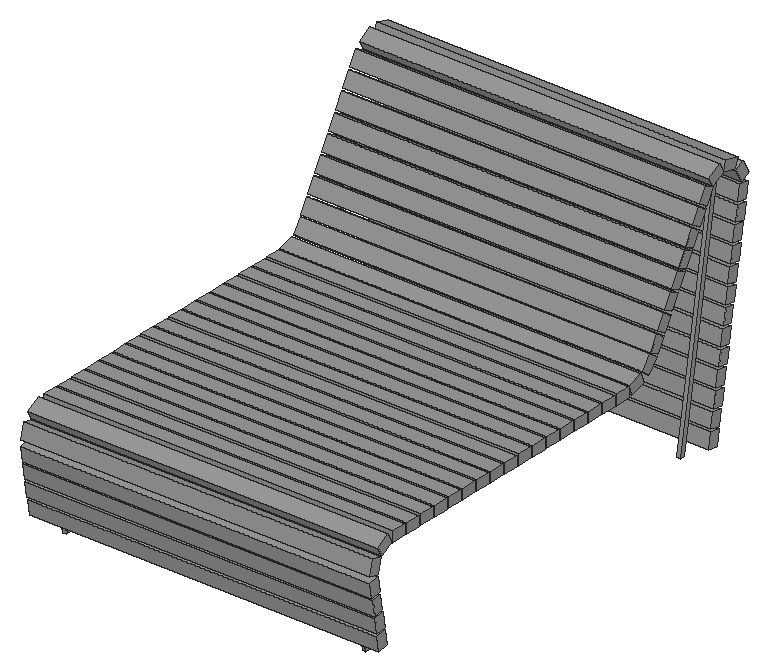
Revit family "Парковый лежак 2 Арт 9978", category Антураж, Revit 2018
Family settings
  На основе рабочей плоскости = Нет
  Всегда вертикально = Да
  При загрузке вырезать с полостями = Нет
  Источник визуального образа = Геометрия семейства
  Общий = Нет
  Точка расчета площади = Нет
Parameters (values of type "Версия 1,4 м (Композит)")
  Ширина = 1892 mm  # constant formula
  Цвет сидения = Дерево Тик
  Цвет каркаса = Сталь
  Описание = if([Версия 0,7 м], "Парковый лежак 2 «Версия 0,7 м»", if([Версия 1,4 м], "Парковый лежак 2 «Версия 1,4 м»", "Парковый лежак 2 «Версия 1,4 м (Композит)»"))  # "Парковый лежак 2 «Версия 1,4 м (Композит)»"
  Материал изделия = if([Версия 0,7 м], "Сталь, дерево", if([Версия 1,4 м], "Сталь, дерево", "Сталь, ДПК"))  # "Сталь, ДПК"
  Изображение типоразмера = Парковый лежак 2 Арт 9978.jpg
  Изготовитель = "ООО «Хоббика»"  # constant formula
  Длина = if([Версия 0,7 м], 700 mm, 1400 mm)  # 1400 mm
  Группа модели = "Лежаки и шезлонги"  # constant formula
  Высота = 1058 mm  # constant formula
  Версия 1,4 м (композит) = and(not([Версия 0,7 м]), (not([Версия 1,4 м])))  # yes
  Версия 1,4 м = no
  Версия 0,7 м = no
  Артикул товара = "Арт. 9978"  # constant formula
  URL = "https://hobbyka.ru/product/parkovyy_lezhak_2/"
Types (4, lengths in mm): name | Описание | Материал изделия | Длина | Версия 1,4 м (композит) | Версия 1,4 м | Версия 0,7 м
  (no name) | "Парковый лежак 2 «Версия 1,4 м (Композит)»" | "Сталь, ДПК" | 1400 | yes | no | no
  Версия 0,7 м | "Парковый лежак 2 «Версия 0,7 м»" | "Сталь, дерево" | 700 | no | no | yes
  Версия 1,4 м | "Парковый лежак 2 «Версия 1,4 м»" | "Сталь, дерево" | 1400 | no | yes | no
  Версия 1,4 м (Композит) | "Парковый лежак 2 «Версия 1,4 м (Композит)»" | "Сталь, ДПК" | 1400 | yes | no | no
Reference planes
  plane 1 "По центру (Вперед/Назад)": y = 0
  plane 2: z = 0
  plane 3 "По центру (Влево/Вправо)": x = 0
  plane 4: x = 1400
  plane 5: y = 1892
  plane 6: z = 1058
  plane 7: x = 100
  plane 8: x = 1300
Forms (mm)
  Extrusion 1, solid, material "Дерево Тик" <- "Цвет сидения"
    sketch origin (0, 0, 0) x (0, 1, 0) y (0, 0, 1)
      loop
        line (1295.573, 455.32) -> (1235.573, 455.32) -> (1235.573, 415.32) -> (1295.573, 415.32) -> (1295.573, 455.32)
      loop
        line (1225.573, 455.32) -> (1165.573, 455.32) -> (1165.573, 415.32) -> (1225.573, 415.32) -> (1225.573, 455.32)
      loop
        line (1155.573, 455.32) -> (1095.573, 455.32) -> (1095.573, 415.32) -> (1155.573, 415.32) -> (1155.573, 455.32)
      loop
        line (1085.573, 455.32) -> (1025.573, 455.32) -> (1025.573, 415.32) -> (1085.573, 415.32) -> (1085.573, 455.32)
      loop
        line (1015.573, 455.32) -> (955.573, 455.32) -> (955.573, 415.32) -> (1015.573, 415.32) -> (1015.573, 455.32)
      loop
        line (945.573, 455.32) -> (885.573, 455.32) -> (885.573, 415.32) -> (945.573, 415.32) -> (945.573, 455.32)
      loop
        line (875.573, 455.32) -> (815.573, 455.32) -> (815.573, 415.32) -> (875.573, 415.32) -> (875.573, 455.32)
      loop
        line (805.573, 455.32) -> (745.573, 455.32) -> (745.573, 415.32) -> (805.573, 415.32) -> (805.573, 455.32)
      loop
        line (735.573, 455.32) -> (675.573, 455.32) -> (675.573, 415.32) -> (735.573, 415.32) -> (735.573, 455.32)
      loop
        line (665.573, 455.32) -> (605.573, 455.32) -> (605.573, 415.32) -> (665.573, 415.32) -> (665.573, 455.32)
      loop
        line (595.573, 455.32) -> (535.573, 455.32) -> (535.573, 415.32) -> (595.573, 415.32) -> (595.573, 455.32)
      loop
        line (525.573, 455.32) -> (465.573, 455.32) -> (465.573, 415.32) -> (525.573, 415.32) -> (525.573, 455.32)
      loop
        line (455.573, 455.32) -> (395.573, 455.32) -> (395.573, 415.32) -> (455.573, 415.32) -> (455.573, 455.32)
      loop
        line (385.573, 455.32) -> (325.573, 455.32) -> (325.573, 415.32) -> (385.573, 415.32) -> (385.573, 455.32)
      loop
        line (315.573, 455.32) -> (255.573, 455.32) -> (255.573, 415.32) -> (315.573, 415.32) -> (315.573, 455.32)
      loop
        line (245.573, 455.32) -> (185.573, 455.32) -> (185.573, 415.32) -> (245.573, 415.32) -> (245.573, 455.32)
      loop
        line (175.573, 455.32) -> (115.573, 455.32) -> (115.573, 415.32) -> (175.573, 415.32) -> (175.573, 455.32)
      loop
        line (91.46, 455.592) -> (39.498, 425.592) -> (59.498, 390.951) -> (111.46, 420.951) -> (91.46, 455.592)
      loop
        line (15.529, 401.304) -> (0, 343.348) -> (38.637, 332.995) -> (54.166, 390.951) -> (15.529, 401.304)
      loop
        line (39.392, 326.007) -> (0, 319.061) -> (10.419, 259.973) -> (49.811, 266.919) -> (39.392, 326.007)
      loop
        line (51.548, 257.071) -> (12.155, 250.125) -> (22.574, 191.036) -> (61.967, 197.982) -> (51.548, 257.071)
      loop
        line (63.703, 188.134) -> (24.311, 181.188) -> (34.73, 122.1) -> (74.122, 129.046) -> (63.703, 188.134)
      loop
        line (75.858, 119.198) -> (36.466, 112.252) -> (46.885, 53.163) -> (86.277, 60.109) -> (75.858, 119.198)
      loop
        line (1746.136, 105.306) -> (1706.743, 112.252) -> (1696.324, 53.163) -> (1735.717, 46.217) -> (1746.136, 105.306)
      loop
        line (1758.291, 174.242) -> (1718.899, 181.188) -> (1708.48, 122.1) -> (1747.872, 115.154) -> (1758.291, 174.242)
      loop
        line (1770.446, 243.179) -> (1731.054, 250.125) -> (1720.635, 191.036) -> (1760.027, 184.09) -> (1770.446, 243.179)
      loop
        line (1782.602, 312.115) -> (1743.209, 319.061) -> (1732.79, 259.973) -> (1772.183, 253.027) -> (1782.602, 312.115)
      loop
        line (1794.757, 381.052) -> (1755.365, 387.998) -> (1744.946, 328.909) -> (1784.338, 321.964) -> (1794.757, 381.052)
      loop
        line (1806.912, 449.989) -> (1767.52, 456.934) -> (1757.101, 397.846) -> (1796.494, 390.9) -> (1806.912, 449.989)
      loop
        line (1819.068, 518.925) -> (1779.675, 525.871) -> (1769.257, 466.783) -> (1808.649, 459.837) -> (1819.068, 518.925)
      loop
        line (1831.223, 587.862) -> (1791.831, 594.808) -> (1781.412, 535.719) -> (1820.804, 528.773) -> (1831.223, 587.862)
      loop
        line (1843.379, 656.798) -> (1803.986, 663.744) -> (1793.567, 604.656) -> (1832.96, 597.71) -> (1843.379, 656.798)
      loop
        line (1855.534, 725.735) -> (1816.142, 732.681) -> (1805.723, 673.592) -> (1845.115, 666.646) -> (1855.534, 725.735)
      loop
        line (1867.689, 794.671) -> (1828.297, 801.617) -> (1817.878, 742.529) -> (1857.27, 735.583) -> (1867.689, 794.671)
      loop
        line (1879.845, 863.608) -> (1840.452, 870.554) -> (1830.033, 811.465) -> (1869.426, 804.519) -> (1879.845, 863.608)
      loop
        line (1892, 932.544) -> (1852.608, 939.49) -> (1842.189, 880.402) -> (1881.581, 873.456) -> (1892, 932.544)
      loop
        line (1714.659, 987.565) -> (1680.018, 1007.565) -> (1650.018, 955.603) -> (1684.659, 935.603) -> (1714.659, 987.565)
      loop
        line (1679.659, 926.943) -> (1645.018, 946.943) -> (1615.018, 894.981) -> (1649.659, 874.981) -> (1679.659, 926.943)
      loop
        line (1644.659, 866.321) -> (1610.018, 886.321) -> (1580.018, 834.36) -> (1614.659, 814.36) -> (1644.659, 866.321)
      loop
        line (1609.659, 805.699) -> (1575.018, 825.699) -> (1545.018, 773.738) -> (1579.659, 753.738) -> (1609.659, 805.699)
      loop
        line (1574.659, 745.078) -> (1540.018, 765.078) -> (1510.018, 713.116) -> (1544.659, 693.116) -> (1574.659, 745.078)
      loop
        line (1539.659, 684.456) -> (1505.018, 704.456) -> (1475.018, 652.494) -> (1509.659, 632.494) -> (1539.659, 684.456)
      loop
        line (1504.659, 623.834) -> (1470.018, 643.834) -> (1440.018, 591.872) -> (1474.659, 571.872) -> (1504.659, 623.834)
      loop
        line (1469.659, 563.212) -> (1435.018, 583.212) -> (1405.018, 531.251) -> (1439.659, 511.251) -> (1469.659, 563.212)
      loop
        line (1434.659, 502.59) -> (1402.713, 526.663) -> (1366.604, 478.745) -> (1398.55, 454.672) -> (1434.659, 502.59)
      loop
        line (1357.921, 475.881) -> (1300.94, 457.09) -> (1313.467, 419.102) -> (1370.449, 437.894) -> (1357.921, 475.881)
      loop
        line (1865.104, 1016.345) -> (1830.119, 996.952) -> (1859.207, 944.475) -> (1894.192, 963.867) -> (1865.104, 1016.345)
      loop
        line (1782.115, 1058.017) -> (1771.089, 1019.567) -> (1828.765, 1003.028) -> (1839.791, 1041.479) -> (1782.115, 1058.017)
      loop
        line (1698.257, 1025.851) -> (1717.111, 990.573) -> (1770.028, 1018.854) -> (1751.174, 1054.132) -> (1698.257, 1025.851)
    from 0 to 1400
Dimensions and locks
  "Ширина": plane 5 to plane 1 "По центру (Вперед/Назад)"
  "Длина": plane 3 "По центру (Влево/Вправо)" to plane 4
  "Высота": plane 6 to level
  locked: plane 3 "По центру (Влево/Вправо)" to plane 7 at 100
  locked: plane 8 to plane 4 at 100
  aligned and locked: level to plane 2
  aligned and locked: plane 4 to Extrusion 1
  aligned and locked: plane 7 to nested 1
  aligned and locked: plane 1 "По центру (Вперед/Назад)" to nested 1
  aligned and locked: plane 1 "По центру (Вперед/Назад)" to nested 2
  aligned and locked: plane 8 to nested 2
Automatic sketch dimensions
  Extrusion 1 sketch curve to plane 1 "По центру (Вперед/Назад)" = 0 mm  (x2)
  Extrusion 1 sketch curve to plane 5 = 0 mm
  Extrusion 1 sketch curve to plane 1 "По центру (Вперед/Назад)" = 10.419 mm
  Extrusion 1 sketch curve to Extrusion 1 sketch curve = 1.736 mm  (x29)
  Extrusion 1 sketch curve to plane 1 "По центру (Вперед/Назад)" = 15.529 mm
  Extrusion 1 sketch curve to plane 1 "По центру (Вперед/Назад)" = 22.574 mm
  Extrusion 1 sketch curve to plane 1 "По центру (Вперед/Назад)" = 34.73 mm
  Extrusion 1 sketch curve to plane 1 "По центру (Вперед/Назад)" = 38.637 mm
  Extrusion 1 sketch curve to Extrusion 1 sketch curve = 0.755 mm
  Extrusion 1 sketch curve to Extrusion 1 sketch curve = 23.969 mm
  Extrusion 1 sketch curve to plane 1 "По центру (Вперед/Назад)" = 46.885 mm
  Extrusion 1 sketch curve to Extrusion 1 sketch curve = 5.332 mm
  Extrusion 1 sketch curve to Extrusion 1 sketch curve = 51.962 mm
  Extrusion 1 sketch curve to Extrusion 1 sketch curve = 24.113 mm
  Extrusion 1 sketch curve to Extrusion 1 sketch curve = 60 mm  (x17)
  Extrusion 1 sketch curve to Extrusion 1 sketch curve = 10 mm  (x16)
  Extrusion 1 sketch curve to Extrusion 1 sketch curve = 5.367 mm
  level to Extrusion 1 sketch curve = 419.102 mm
  Extrusion 1 sketch curve to Extrusion 1 sketch curve = 17.895 mm
  Extrusion 1 sketch curve to Extrusion 1 sketch curve = 56.981 mm
  Extrusion 1 sketch curve to Extrusion 1 sketch curve = 8.683 mm
  Extrusion 1 sketch curve to Extrusion 1 sketch curve = 28.101 mm
  Extrusion 1 sketch curve to Extrusion 1 sketch curve = 36.109 mm
  Extrusion 1 sketch curve to Extrusion 1 sketch curve = 2.304 mm
  Extrusion 1 sketch curve to Extrusion 1 sketch curve = 30 mm  (x8)
  Extrusion 1 sketch curve to Extrusion 1 sketch curve = 5 mm  (x14)
  Extrusion 1 sketch curve to plane 6 = 171.679 mm
  Extrusion 1 sketch curve to plane 6 = 111.057 mm
  Extrusion 1 sketch curve to plane 6 = 102.397 mm
  Extrusion 1 sketch curve to plane 6 = 50.435 mm
  Extrusion 1 sketch curve to plane 6 = 122.397 mm
  level to Extrusion 1 sketch curve = 53.163 mm  (x2)
  Extrusion 1 sketch curve to plane 5 = 195.676 mm
  Extrusion 1 sketch curve to plane 6 = 32.149 mm
  Extrusion 1 sketch curve to Extrusion 1 sketch curve = 18.24 mm
  level to Extrusion 1 sketch curve = 112.252 mm
  Extrusion 1 sketch curve to Extrusion 1 sketch curve = 10.419 mm  (x11)
  Extrusion 1 sketch curve to plane 6 = 67.427 mm
  Extrusion 1 sketch curve to Extrusion 1 sketch curve = 2.453 mm
  level to Extrusion 1 sketch curve = 46.217 mm
  Extrusion 1 sketch curve to plane 6 = 3.868 mm
  Extrusion 1 sketch curve to plane 6 = 38.433 mm
  Extrusion 1 sketch curve to Extrusion 1 sketch curve = 1.061 mm
  plane 6 to Extrusion 1 sketch curve = 0.017 mm
  Extrusion 1 sketch curve to Extrusion 1 sketch curve = 30.941 mm
  Extrusion 1 sketch curve to plane 6 = 54.972 mm
  Extrusion 1 sketch curve to Extrusion 1 sketch curve = 1.354 mm
  Extrusion 1 sketch curve to plane 5 = 51.548 mm
  Extrusion 1 sketch curve to plane 5 = 39.392 mm
  Extrusion 1 sketch curve to Extrusion 1 sketch curve = 6.6 mm
  Extrusion 1 sketch curve to plane 5 = 26.896 mm
  Extrusion 1 sketch curve to Extrusion 1 sketch curve = 6.946 mm
  Extrusion 1 sketch curve to Extrusion 1 sketch curve = 9.848 mm  (x30)
  Extrusion 1 sketch curve to Extrusion 1 sketch curve = 6.988 mm
  Extrusion 1 sketch curve to Extrusion 1 sketch curve = 24.287 mm
  Extrusion 1 sketch curve to Extrusion 1 sketch curve = 0 mm  (x31)
  Extrusion 1 sketch curve to Extrusion 1 sketch curve = 3.782 mm
  level to Extrusion 1 sketch curve = 415.32 mm
  Extrusion 1 sketch curve to Extrusion 1 sketch curve = 5.631 mm
  Extrusion 1 sketch curve to Extrusion 1 sketch curve = 18.791 mm
  Extrusion 1 sketch curve to Extrusion 1 sketch curve = 16.779 mm
  Extrusion 1 sketch curve to Extrusion 1 sketch curve = 40 mm
  Extrusion 1 sketch curve to Extrusion 1 sketch curve = 1.77 mm
  Extrusion 1 sketch curve to Extrusion 1 sketch curve = 2.864 mm
  Extrusion 1 sketch curve to Extrusion 1 sketch curve = 8.66 mm  (x11)
  Extrusion 1 sketch curve to Extrusion 1 sketch curve = 4.588 mm
  Extrusion 1 sketch curve to Extrusion 1 sketch curve = 4.985 mm
  Extrusion 1 sketch curve to Extrusion 1 sketch curve = 31.323 mm
Nested families
  nested 1: "Парковый лежак 2 опора" at (100, 0, 0), type "Парковый лежак 2 опора"
  nested 2: "Парковый лежак 2 опора" at (1300, 0, 0), type "Парковый лежак 2 опора"
Definition of nested family "Парковый лежак 2 опора"
  Parameters (values of type "Парковый лежак 2 опора")
    Цвет каркаса = none
    Height = 0 mm
  Reference planes
    plane 1 "По центру (Вперед/Назад)": y = 0
    plane 2: z = 0
    plane 3 "По центру (Влево/Вправо)": x = 0
    plane 4: x = 7.5
    plane 5: x = -7.5
  Forms (mm)
    Extrusion 1, solid, material <- "Цвет каркаса"
      sketch origin (0, -0.124, 0) x (0, 1, 0) y (0, 0, 1)
        loop
          arc (1852.608, 939.49) -> (1800.243, 1011.189) -> (1714.658, 987.565) r 78.09
          line (1714.658, 987.565) -> (1423.341, 483.033)
          arc (1423.341, 483.033) -> (1367.83, 433.302) -> (1295.498, 415.332) r 154.557
          line (1295.498, 415.332) -> (115.995, 415.332)
          arc (115.995, 415.332) -> (57.16, 388.257) -> (39.455, 325.958) r 77.462
          line (39.455, 325.958) -> (96.893, 0.003) -> (112.124, 0.003) -> (54.255, 328.405)
          arc (54.255, 328.405) -> (68.6, 378.554) -> (115.995, 400.332) r 62.462
          line (115.995, 400.332) -> (1295.498, 400.332)
          arc (1295.498, 400.332) -> (1375.097, 420.178) -> (1436.064, 475.068) r 169.557
          line (1436.064, 475.068) -> (1726.962, 978.876)
          arc (1726.962, 978.876) -> (1795.213, 997.056) -> (1837.559, 940.528) r 63.09
          line (1837.559, 940.528) -> (1671.719, 0) -> (1686.95, 0) -> (1852.608, 939.49)
      from -7.5 to 7.5
  Dimensions and locks
    plane 5 to plane 3 "По центру (Влево/Вправо)" to plane 4 = 7.5 mm, 7.5 mm
    aligned and locked: level to plane 2
    aligned and locked: plane 4 to Extrusion 1
    aligned and locked: Extrusion 1 to plane 5
